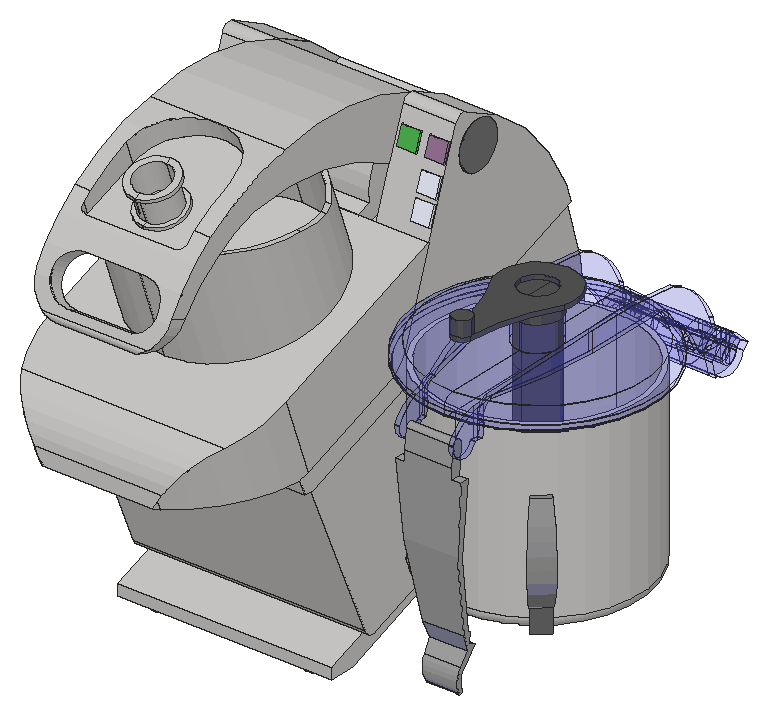
Revit family "QF_DITOSAMA_600431_DTRK45Y", category Specialty Equipment, Revit 2018 (continued)
Definition of nested family "600428_BOWL"
  Lines and regions (mm)
    symbolic lines
      curve 65: arc (-128, -18.211, 0) -> (-101.973, 25.34, 0) -> (-60.771, 54.948, 0) r 124.909
      curve 66: arc (-128, -100.142, 0) -> (-134.909, -59.177, 0) -> (-128, -18.211, 0) r 124.909
      curve 67: line (-108, -177.764, 0) -> (-49.233, -177.764, 0)
      curve 68: line (-128, 191, 0) -> (-128, -17.764, 0)
      curve 69: line (29.233, -177.764, 0) -> (108, -177.764, 0)
      curve 70: line (-128, -97.764, 0) -> (-128, -157.764, 0)
      curve 71: line (-108, 211, 0) -> (108, 211, 0)
      curve 72: arc (-128, -157.764, 0) -> (-122.142, -171.906, 0) -> (-108, -177.764, 0) r 20
      curve 73: arc (108, -177.764, 0) -> (122.142, -171.906, 0) -> (128, -157.764, 0) r 20
      curve 74: arc (128, 191, 0) -> (122.142, 205.142, 0) -> (108, 211, 0) r 20
      curve 75: arc (-108, 211, 0) -> (-122.142, 205.142, 0) -> (-128, 191, 0) r 20
      curve 76: line (45.852, 123.86, 0) -> (-71.073, 123.86, 0)
      curve 77: line (45.852, 137.378, 0) -> (-65.852, 137.378, 0)
      curve 78: line (45.852, 143.082, 0) -> (-65.852, 143.082, 0)
      curve 79: line (53.607, 123.86, 0) -> (45.852, 123.86, 0)
      curve 80: line (45.852, 123.86, 0) -> (45.852, 170.216, 0)
      curve 81: line (45.852, 170.216, 0) -> (-65.852, 170.216, 0)
      curve 82: line (-65.852, 170.216, 0) -> (-65.852, 123.86, 0)
      curve 83: line (102.599, 101.361, 0) -> (117.599, 101.361, 0)
  Dimensions and locks
    plane 4 "TOP" to level = 705.4 mm  (x2)
    plane 7 "LEFT" to plane 3 "Center (Left/Right)" to plane 8 "RIGHT" = 128 mm, 128 mm
    plane 6 "BACK" to plane 1 "Center (Front/Back)" to plane 5 "FRONT" = 211 mm, 211 mm
    plane 6 "BACK" to plane 5 "FRONT" = 422 mm
    plane 7 "LEFT" to plane 8 "RIGHT" = 256 mm
    plane 9 "CenterX" to plane 3 "Center (Left/Right)" = 10 mm
    plane 12 to level = 510 mm
    aligned and locked: level to plane 2
    aligned and locked: Extrusion 5 to cut or joined group of Extrusion 8, Extrusion 9, Extrusion 11, Extrusion 20
